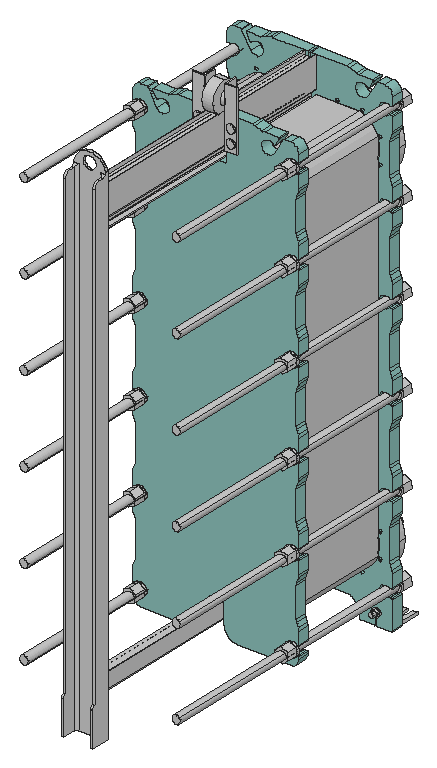
Revit family "Ekin_Endüstriyel - MIT562", category Specialty Equipment, Revit 2022 (continued)
Forms (mm)
  Extrusion 15, solid, material "Galvanized Steel- S235JR", detail levels fine
    sketch origin (4.063, -470, 0) x (1, 0, 0) y (0, 0, 1)
      loop
        line (-304.329, 141.422) -> (-307.052, 115.294) -> (-285.785, 99.872) -> (-261.797, 110.578) -> (-259.074, 136.706) -> (-280.341, 152.128) -> (-304.329, 141.422)
    from 8 to 48.1
  Extrusion 16, solid, material "Galvanized Steel- S235JR", detail levels fine
    sketch origin (4.063, -470, 0) x (1, 0, 0) y (0, 0, 1)
      loop
        circle (274.937, 1711) r 25
      loop
        circle (274.937, 1394) r 25
      loop
        circle (274.937, 1077) r 25
      loop
        circle (274.937, 760) r 25
      loop
        circle (274.937, 443) r 25
      loop
        circle (274.937, 126) r 25
      loop
        circle (-283.063, 1711) r 25
      loop
        circle (-283.063, 1394) r 25
      loop
        circle (-283.063, 1077) r 25
      loop
        circle (-283.063, 760) r 25
      loop
        circle (-283.063, 443) r 25
      loop
        circle (-283.063, 126) r 25
    from 8 to 0
  Extrusion 17, solid, material "Galvanized Steel- S235JR", detail levels medium+fine
    sketch origin (0, 0, 0) x (1, 0, 0) y (0, 0, 1)
      loop
        line (300.266, 1726.422) -> (276.278, 1737.128) -> (255.011, 1721.706) -> (257.734, 1695.578) -> (281.722, 1684.872) -> (302.989, 1700.294) -> (300.266, 1726.422)
      loop
        line (300.266, 1409.422) -> (276.278, 1420.128) -> (255.011, 1404.706) -> (257.734, 1378.578) -> (281.722, 1367.872) -> (302.989, 1383.294) -> (300.266, 1409.422)
      loop
        line (300.266, 1092.422) -> (276.278, 1103.128) -> (255.011, 1087.706) -> (257.734, 1061.578) -> (281.722, 1050.872) -> (302.989, 1066.294) -> (300.266, 1092.422)
      loop
        line (300.266, 775.422) -> (276.278, 786.128) -> (255.011, 770.706) -> (257.734, 744.578) -> (281.722, 733.872) -> (302.989, 749.294) -> (300.266, 775.422)
      loop
        line (300.266, 458.422) -> (276.278, 469.128) -> (255.011, 453.706) -> (257.734, 427.578) -> (281.722, 416.872) -> (302.989, 432.294) -> (300.266, 458.422)
      loop
        line (300.266, 141.422) -> (276.278, 152.128) -> (255.011, 136.706) -> (257.734, 110.578) -> (281.722, 99.872) -> (302.989, 115.294) -> (300.266, 141.422)
      loop
        line (-300.266, 1726.422) -> (-302.989, 1700.294) -> (-281.722, 1684.872) -> (-257.734, 1695.578) -> (-255.011, 1721.706) -> (-276.278, 1737.128) -> (-300.266, 1726.422)
      loop
        line (-300.266, 1409.422) -> (-302.989, 1383.294) -> (-281.722, 1367.872) -> (-257.734, 1378.578) -> (-255.011, 1404.706) -> (-276.278, 1420.128) -> (-300.266, 1409.422)
      loop
        line (-300.266, 1092.422) -> (-302.989, 1066.294) -> (-281.722, 1050.872) -> (-257.734, 1061.578) -> (-255.011, 1087.706) -> (-276.278, 1103.128) -> (-300.266, 1092.422)
      loop
        line (-300.266, 775.422) -> (-302.989, 749.294) -> (-281.722, 733.872) -> (-257.734, 744.578) -> (-255.011, 770.706) -> (-276.278, 786.128) -> (-300.266, 775.422)
      loop
        line (-300.266, 458.422) -> (-302.989, 432.294) -> (-281.722, 416.872) -> (-257.734, 427.578) -> (-255.011, 453.706) -> (-276.278, 469.128) -> (-300.266, 458.422)
      loop
        line (-300.266, 141.422) -> (-302.989, 115.294) -> (-281.722, 99.872) -> (-257.734, 110.578) -> (-255.011, 136.706) -> (-276.278, 152.128) -> (-300.266, 141.422)
    from -8 to -48
  Extrusion 18, solid, material "AISI 316L/Titanium/Hastelloy", detail levels coarse
    sketch origin (0, 0, 1916) x (1, 0, 0) y (0, 1, 0)
      loop
        line (-57.5, -1040) -> (-57.5, -1105) -> (57.499, -1105) -> (57.499, -1040) -> (-57.5, -1040)
    from 0 to -1916
  Extrusion 19, solid, material "Galvanized Steel- S235JR", detail levels fine
    sketch origin (0, 0, 0) x (1, 0, 0) y (0, 0, 1)
      loop
        circle (149, 1566) r 142.5
      loop
        circle (149, 1566) r 85.25
      loop
        circle (259.866, 1611.922) r 7
      loop
        circle (259.866, 1520.078) r 7
      loop
        circle (194.922, 1455.134) r 7
      loop
        circle (194.922, 1676.866) r 7
      loop
        circle (38.134, 1611.922) r 7
      loop
        circle (38.134, 1520.078) r 7
      loop
        circle (103.078, 1455.134) r 7
      loop
        circle (103.078, 1676.866) r 7
      loop
        circle (149, 271) r 142.5
      loop
        circle (149, 271) r 85.25
      loop
        circle (259.866, 316.922) r 7
      loop
        circle (259.866, 225.078) r 7
      loop
        circle (194.922, 160.134) r 7
      loop
        circle (194.922, 381.866) r 7
      loop
        circle (38.134, 316.922) r 7
      loop
        circle (38.134, 225.078) r 7
      loop
        circle (103.078, 160.134) r 7
      loop
        circle (103.078, 381.866) r 7
      loop
        circle (-149, 1566) r 142.5
      loop
        circle (-149, 1566) r 85.25
      loop
        circle (-259.866, 1611.922) r 7
      loop
        circle (-259.866, 1520.078) r 7
      loop
        circle (-194.922, 1455.134) r 7
      loop
        circle (-194.922, 1676.866) r 7
      loop
        circle (-38.134, 1611.922) r 7
      loop
        circle (-38.134, 1520.078) r 7
      loop
        circle (-103.078, 1455.134) r 7
      loop
        circle (-103.078, 1676.866) r 7
      loop
        circle (-149, 271) r 142.5
      loop
        circle (-149, 271) r 85.25
      loop
        circle (-259.866, 316.922) r 7
      loop
        circle (-259.866, 225.078) r 7
      loop
        circle (-194.922, 160.134) r 7
      loop
        circle (-194.922, 381.866) r 7
      loop
        circle (-38.134, 316.922) r 7
      loop
        circle (-38.134, 225.078) r 7
      loop
        circle (-103.078, 160.134) r 7
      loop
        circle (-103.078, 381.866) r 7
    from -29 to 0
  Extrusion 20, void
    sketch origin (202.5, -37.5, 7.5) x (0, 1, 0) y (-1, 0, 0)
      loop
        line (122.5, 8) -> (122.5, 397) -> (37.5, 397) -> (37.5, 8) -> (122.5, 8)
      loop
        line (88.664, -25) -> (122.5, -25) -> (122.5, -8) -> (88.664, -8)
        arc (88.664, -8) -> (72, -16.5) -> (88.664, -25) r 10.5
      loop
        line (88.664, -75) -> (122.5, -75) -> (122.5, -58) -> (88.664, -58)
        arc (88.664, -58) -> (72, -66.5) -> (88.664, -75) r 10.5
      loop
        line (88.664, 413) -> (122.5, 413) -> (122.5, 430) -> (88.664, 430)
        arc (88.664, 430) -> (72, 421.5) -> (88.664, 413) r 10.5
      loop
        line (88.664, 463) -> (122.5, 463) -> (122.5, 480) -> (88.664, 480)
        arc (88.664, 480) -> (72, 471.5) -> (88.664, 463) r 10.5
    from -7.5 to 77.5
  Extrusion 21, solid, material "Galvanized Steel- S235JR"
    sketch origin (0, 0, 0) x (0, 1, 0) y (0, 0, 1)
      loop
        line (8, 11) -> (8, 85) -> (0, 85) -> (0, 3)
        arc (0, 3) -> (0.879, 0.879) -> (3, 0) r 3
        line (3, 0) -> (85, 0) -> (85, 8) -> (11, 8)
        arc (11, 8) -> (8.879, 8.879) -> (8, 11) r 3
    from -294 to 294.5
  Extrusion 22, solid, material "Galvanized Steel- S235JR", detail levels fine
    sketch origin (0, 0, 0) x (1, 0, 0) y (0, 0, 1)
      loop
        circle (0, 1765.6) r 15
      loop
        circle (0, 1705.6) r 15
      loop
        circle (0, 165.7) r 15
      loop
        circle (0, 105.7) r 15
    from 0 to -3
  Extrusion 23, solid, material "Galvanized Steel- S235JR", detail levels fine
    sketch origin (0, 0, 0) x (1, 0, 0) y (0, 0, 1)
      loop
        circle (149, 1566) r 68.8
      loop
        circle (149, 1566) r 105
      loop
        circle (-149, 1566) r 68.8
      loop
        circle (-149, 1566) r 105
      loop
        circle (149, 271) r 68.8
      loop
        circle (149, 271) r 105
      loop
        circle (-149, 271) r 68.8
      loop
        circle (-149, 271) r 105
    from 0 to 40
  Extrusion 24, solid, material "Galvanized Steel- S235JR"
    sketch origin (4.063, -470, 0) x (1, 0, 0) y (0, 0, 1)
      loop
        line (77.937, 1680.6) -> (77.937, 1900.6) -> (32.937, 1900.6) -> (32.937, 1680.6) -> (77.937, 1680.6)
      loop
        circle (55.937, 1760.6) r 8
      loop
        circle (55.937, 1710.6) r 8
      loop
        line (-86.063, 1680.6) -> (-41.063, 1680.6) -> (-41.063, 1900.6) -> (-86.063, 1900.6) -> (-86.063, 1680.6)
      loop
        circle (-64.063, 1760.6) r 8
      loop
        circle (-64.063, 1710.6) r 8
    from 6 to 2
  Extrusion 25, solid, material "Galvanized Steel- S235JR"
    sketch origin (4.063, -472, 0) x (-1, 0, 0) y (0, 0, 1)
      loop
        line (-32.937, 1680.6) -> (-32.937, 1900.6) -> (-36.937, 1900.6) -> (-36.937, 1680.6) -> (-32.937, 1680.6)
      loop
        line (41.063, 1680.6) -> (45.063, 1680.6) -> (45.063, 1900.6) -> (41.063, 1900.6) -> (41.063, 1680.6)
    from 0 to 42
  Extrusion 26, solid, material "Galvanized Steel- S235JR"
    sketch origin (-37, -472, 1680.6) x (0, 0, 1) y (0, -1, 0)
      loop
        circle (160, -19) r 55
      loop
        circle (160, -19) r 25
    from 17 to 57
  Extrusion 27, solid, material "Galvanized Steel- S235JR"
    sketch origin (-37, -472, 1680.6) x (0, 0, 1) y (0, -1, 0)
      loop
        circle (160, -19) r 24.5
    from 0 to 74
  Extrusion 28, solid, material "Galvanized Steel- S235JR"
    sketch origin (-37, -472, 1680.6) x (0, 0, 1) y (0, -1, 0)
      loop
        circle (160, -19) r 8
    from -24.052 to 98.5
  Extrusion 29, solid, material "Galvanized Steel- S235JR", detail levels fine
    sketch origin (-37, -472, 1680.6) x (0, 0, 1) y (0, -1, 0)
      loop
        line (172.813, -23.837) -> (169.73, -9.822) -> (156.917, -5.985) -> (147.187, -15.163) -> (150.27, -29.178) -> (163.083, -33.015) -> (172.813, -23.837)
    from -15 to 89
  Extrusion 30, solid, material "Galvanized Steel- S235JR", detail levels fine
    sketch origin (-37, -472, 1680.6) x (0, 0, 1) y (0, -1, 0)
      loop
        circle (160, -19) r 15
    from -7 to 81
  Extrusion 31, void
    sketch origin (57.499, -1105, 1916) x (0, 1, 0) y (0, 0, 1)
      loop
        line (30, -66) -> (47, -66)
        arc (47, -66) -> (54.071, -63.071) -> (57, -56) r 10
        line (57, -56) -> (57, 0) -> (0, 0) -> (0, -1790)
        arc (0, -1790) -> (2.636, -1783.636) -> (9, -1781) r 9
        line (9, -1781) -> (10, -1781) -> (10, -86)
        arc (10, -86) -> (15.858, -71.858) -> (30, -66) r 20
    from 0 to -114.999
  Extrusion 32, void
    sketch origin (-39.5, -1048, 0) x (1, 0, 0) y (0, 0, 1)
      loop
        line (96.999, 1865.205) -> (96.999, 1979.732) -> (-18, 1979.732) -> (-18, 1865.199)
        arc (-18, 1865.199) -> (39.497, 1915.599) -> (96.999, 1865.205) r 58
      loop
        circle (39.5, 1877.5) r 24
    from 0 to -8
  Extrusion 33, solid, material "Galvanized Steel- S235JR", detail levels medium+fine
    sketch origin (4.063, -470, 0) x (1, 0, 0) y (0, 0, 1)
      loop
        circle (-64.063, 1760.6) r 15
      loop
        circle (-64.063, 1710.6) r 15
      loop
        circle (55.937, 1760.6) r 15
      loop
        circle (55.937, 1710.6) r 15
    from 9 to 6
  Extrusion 34, solid, material "Galvanized Steel- S235JR", detail levels coarse+medium
    sketch origin (4.063, -470, 0) x (1, 0, 0) y (0, 0, 1)
      loop
        line (-77.056, 1766.886) -> (-76.004, 1752.491) -> (-63.011, 1746.205) -> (-51.07, 1754.314) -> (-52.123, 1768.709) -> (-65.115, 1774.995) -> (-77.056, 1766.886)
      loop
        line (-65.115, 1724.995) -> (-77.056, 1716.886) -> (-76.004, 1702.491) -> (-63.011, 1696.205) -> (-51.07, 1704.314) -> (-52.123, 1718.709) -> (-65.115, 1724.995)
      loop
        line (68.93, 1766.886) -> (56.989, 1774.995) -> (43.996, 1768.709) -> (42.944, 1754.314) -> (54.885, 1746.205) -> (67.877, 1752.491) -> (68.93, 1766.886)
      loop
        line (56.989, 1724.995) -> (43.996, 1718.709) -> (42.944, 1704.314) -> (54.885, 1696.205) -> (67.877, 1702.491) -> (68.93, 1716.886) -> (56.989, 1724.995)
    from 19 to 9
  Extrusion 35, solid, material "AISI 316L/Titanium/Hastelloy", detail levels fine
    sketch origin (4.063, -430, 0) x (-1, 0, 0) y (0, 0, 1)
      loop
        circle (-55.937, 1760.6) r 15
      loop
        circle (-55.937, 1710.6) r 15
      loop
        circle (64.063, 1760.6) r 15
      loop
        circle (64.063, 1710.6) r 15
    from 0 to 3
  Extrusion 36, solid, material "AISI 316L/Titanium/Hastelloy", detail levels fine
    sketch origin (4.063, -430, 0) x (-1, 0, 0) y (0, 0, 1)
      loop
        line (-43.996, 1768.709) -> (-56.989, 1774.995) -> (-68.93, 1766.886) -> (-67.877, 1752.491) -> (-54.885, 1746.205) -> (-42.944, 1754.314) -> (-43.996, 1768.709)
      loop
        line (-43.996, 1718.709) -> (-56.989, 1724.995) -> (-68.93, 1716.886) -> (-67.877, 1702.491) -> (-54.885, 1696.205) -> (-42.944, 1704.314) -> (-43.996, 1718.709)
      loop
        line (77.056, 1766.886) -> (65.115, 1774.995) -> (52.123, 1768.709) -> (51.07, 1754.314) -> (63.011, 1746.205) -> (76.004, 1752.491) -> (77.056, 1766.886)
      loop
        line (65.115, 1724.995) -> (52.123, 1718.709) -> (51.07, 1704.314) -> (63.011, 1696.205) -> (76.004, 1702.491) -> (77.056, 1716.886) -> (65.115, 1724.995)
    from 3 to 13
  Extrusion 37, solid, material "AISI 316L/Titanium/Hastelloy", detail levels coarse+medium
    sketch origin (4.063, -430, 0) x (-1, 0, 0) y (0, 0, 1)
      loop
        circle (64.063, 1760.6) r 8
      loop
        circle (64.063, 1710.6) r 8
      loop
        circle (-55.937, 1760.6) r 8
      loop
        circle (-55.937, 1710.6) r 8
    from -46 to 24.122
  Extrusion 38, solid, material "Galvanized Steel", detail levels medium
    sketch origin (4.063, 0, 0) x (1, 0, 0) y (0, 0, 1)
      loop
        line (135.937, 1800) -> (-144.063, 1800) -> (-177.033, 1788) -> (-308.063, 1788) -> (-308.063, 0) -> (-188.063, 0) -> (-188.063, 35) -> (-153.063, 70) -> (144.937, 70) -> (179.937, 35) -> (179.937, 0) -> (299.937, 0) -> (299.937, 1788) -> (168.907, 1788) -> (135.937, 1800)
      loop
        circle (144.937, 1566) r 68.8
      loop
        circle (144.937, 272) r 68.8
      loop
        circle (-4.063, 105.7) r 10.5
      loop
        circle (-4.063, 165.7) r 10.5
      loop
        circle (239.937, 45) r 10.5
      loop
        circle (274.937, 1711) r 21
      loop
        circle (274.937, 1394) r 21
      loop
        circle (274.937, 1077) r 21
      loop
        circle (274.937, 760) r 21
      loop
        circle (274.937, 443) r 21
      loop
        circle (274.937, 126) r 21
      loop
        circle (-4.063, 1705.6) r 10.5
      loop
        circle (-4.063, 1765.6) r 10.5
      loop
        circle (-153.063, 1566) r 68.8
      loop
        circle (-153.063, 272) r 68.8
      loop
        circle (-248.063, 45) r 10.5
      loop
        circle (-283.063, 1711) r 21
      loop
        circle (-283.063, 1394) r 21
      loop
        circle (-283.063, 1077) r 21
      loop
        circle (-283.063, 760) r 21
      loop
        circle (-283.063, 443) r 21
      loop
        circle (-283.063, 126) r 21
      loop
        circle (189.937, 1743) r 25
      loop
        circle (-198.063, 1743) r 25
    from 0 to 40
  Extrusion 39, solid, material "Galvanized Steel", detail levels medium
    sketch origin (4.063, -430, 0) x (-1, 0, 0) y (0, 0, 1)
      loop
        line (-135.937, 1800) -> (-168.907, 1788) -> (-299.937, 1788) -> (-299.937, 70) -> (-25.937, 70) -> (-25.937, 173.5)
        arc (-25.937, 173.5) -> (4.063, 203.5) -> (34.063, 173.5) r 30
        line (34.063, 173.5) -> (34.063, 70) -> (308.063, 70) -> (308.063, 1788) -> (177.033, 1788) -> (144.063, 1800) -> (45.063, 1800) -> (45.063, 1638.5) -> (-36.937, 1638.5) -> (-36.937, 1800) -> (-135.937, 1800)
      loop
        circle (-274.937, 126) r 21
      loop
        circle (-274.937, 443) r 21
      loop
        circle (-189.937, 1743) r 25
      loop
        circle (-274.937, 1711) r 21
      loop
        circle (-274.937, 1394) r 21
      loop
        circle (-274.937, 1077) r 21
      loop
        circle (-274.937, 760) r 21
      loop
        circle (-55.937, 1710.6) r 10.5
      loop
        circle (-55.937, 1760.6) r 10.5
      loop
        circle (283.063, 126) r 21
      loop
        circle (283.063, 443) r 21
      loop
        circle (198.063, 1743) r 25
      loop
        circle (283.063, 1711) r 21
      loop
        circle (283.063, 1394) r 21
      loop
        circle (283.063, 1077) r 21
      loop
        circle (283.063, 760) r 21
      loop
        circle (64.063, 1710.6) r 10.5
      loop
        circle (64.063, 1760.6) r 10.5
    from 0 to -40 <- "Follower Plate"
  Extrusion 40, solid, material "AISI 316L/Titanium/Hastelloy", detail levels medium
    sketch origin (0, -40, 0) x (-1, 0, 0) y (0, 0, 1)
      loop
        circle (-149, 1566) r 68.8
      loop
        circle (149, 1566) r 68.8
      loop
        line (-250, 1609.07) -> (-250, 228.93) -> (-184.799, 168.2) -> (-25.957, 168.2) -> (-19.25, 174.907) -> (-19.25, 181.407) -> (-33.913, 193.176) -> (-29.752, 199.94) -> (29.752, 199.94) -> (33.913, 193.176) -> (19.25, 181.407) -> (19.25, 174.907) -> (25.957, 168.2) -> (184.799, 168.2) -> (250, 228.93) -> (250, 1609.07) -> (184.799, 1669.8) -> (25.957, 1669.8) -> (19.25, 1663.093) -> (19.25, 1656.593) -> (33.913, 1644.824) -> (29.752, 1638.06) -> (-29.752, 1638.06) -> (-33.913, 1644.824) -> (-19.25, 1656.593) -> (-19.25, 1663.093) -> (-25.957, 1669.8) -> (-184.799, 1669.8) -> (-250, 1609.07)
      loop
        circle (-149, 272) r 68.8
      loop
        circle (149, 272) r 68.8
    from 0 to -390
  Extrusion 41, solid, material "Galvanized Steel- S235JR", detail levels medium
    sketch origin (0, 0, 0) x (1, 0, 0) y (0, 0, 1)
      loop
        circle (149, 1566) r 142.5
      loop
        circle (149, 1566) r 68.8
      loop
        circle (149, 271) r 142.5
      loop
        circle (149, 272) r 68.8
      loop
        circle (-149, 1566) r 142.5
      loop
        circle (-149, 1566) r 68.8
      loop
        circle (-149, 271) r 142.5
      loop
        circle (-149, 272) r 68.8
    from -29 to 0
  Extrusion 42, solid, material "Galvanized Steel", detail levels coarse
    sketch origin (4.063, 0, 0) x (1, 0, 0) y (0, 0, 1)
      loop
        line (299.937, 1800) -> (-308.063, 1800) -> (-308.063, 0) -> (299.937, 0) -> (299.937, 1800)
      loop
        circle (-4.063, 105.7) r 10.5
      loop
        circle (-4.063, 165.7) r 10.5
      loop
        circle (239.937, 45) r 10.5
      loop
        circle (274.937, 1711) r 21
      loop
        circle (274.937, 1394) r 21
      loop
        circle (274.937, 1077) r 21
      loop
        circle (274.937, 760) r 21
      loop
        circle (274.937, 443) r 21
      loop
        circle (274.937, 126) r 21
      loop
        circle (-4.063, 1705.6) r 10.5
      loop
        circle (-4.063, 1765.6) r 10.5
      loop
        circle (-248.063, 45) r 10.5
      loop
        circle (-283.063, 1711) r 21
      loop
        circle (-283.063, 1394) r 21
      loop
        circle (-283.063, 1077) r 21
      loop
        circle (-283.063, 760) r 21
      loop
        circle (-283.063, 443) r 21
      loop
        circle (-283.063, 126) r 21
      loop
        circle (189.937, 1743) r 25
      loop
        circle (-198.063, 1743) r 25
    from 0 to 40
  Extrusion 43, solid, material "Galvanized Steel", detail levels coarse
    sketch origin (4.063, -430, 0) x (-1, 0, 0) y (0, 0, 1)
      loop
        line (-299.937, 1800) -> (-299.937, 70) -> (-25.937, 70) -> (-25.937, 203.5) -> (34.063, 203.5) -> (34.063, 70) -> (308.063, 70) -> (308.063, 1800) -> (45.063, 1800) -> (45.063, 1638.5) -> (-36.937, 1638.5) -> (-36.937, 1800) -> (-299.937, 1800)
      loop
        circle (-274.937, 126) r 21
      loop
        circle (-274.937, 443) r 21
      loop
        circle (-189.937, 1743) r 25
      loop
        circle (-274.937, 1711) r 21
      loop
        circle (-274.937, 1394) r 21
      loop
        circle (-274.937, 1077) r 21
      loop
        circle (-274.937, 760) r 21
      loop
        circle (-55.937, 1710.6) r 10.5
      loop
        circle (-55.937, 1760.6) r 10.5
      loop
        circle (283.063, 126) r 21
      loop
        circle (283.063, 443) r 21
      loop
        circle (198.063, 1743) r 25
      loop
        circle (283.063, 1711) r 21
      loop
        circle (283.063, 1394) r 21
      loop
        circle (283.063, 1077) r 21
      loop
        circle (283.063, 760) r 21
      loop
        circle (64.063, 1710.6) r 10.5
      loop
        circle (64.063, 1760.6) r 10.5
    from 0 to -40 <- "Follower Plate"
  Extrusion 44, solid, material "AISI 316L/Titanium/Hastelloy", detail levels coarse
    sketch origin (0, -40, 0) x (-1, 0, 0) y (0, 0, 1)
      loop
        line (-250, 1609.07) -> (-250, 228.93) -> (-184.799, 168.2) -> (-25.957, 168.2) -> (-19.25, 174.907) -> (-19.25, 181.407) -> (-33.913, 193.176) -> (-29.752, 199.94) -> (29.752, 199.94) -> (33.913, 193.176) -> (19.25, 181.407) -> (19.25, 174.907) -> (25.957, 168.2) -> (184.799, 168.2) -> (250, 228.93) -> (250, 1609.07) -> (184.799, 1669.8) -> (25.957, 1669.8) -> (19.25, 1663.093) -> (19.25, 1656.593) -> (33.913, 1644.824) -> (29.752, 1638.06) -> (-29.752, 1638.06) -> (-33.913, 1644.824) -> (-19.25, 1656.593) -> (-19.25, 1663.093) -> (-25.957, 1669.8) -> (-184.799, 1669.8) -> (-250, 1609.07)
    from 0 to -390
  Extrusion 45, solid, material "Galvanized Steel- S235JR", detail levels coarse
    sketch origin (0, 0, 0) x (1, 0, 0) y (0, 0, 1)
      loop
        circle (149, 1566) r 142.5
      loop
        circle (149, 271) r 142.5
      loop
        circle (-149, 1566) r 142.5
      loop
        circle (-149, 271) r 142.5
    from -29 to 0
Cuts and joins
  Extrusion 20 cuts Extrusion 21
  joined: Extrusion 19, Extrusion 23
  Extrusion 31, Extrusion 32 cuts Extrusion 13
  joined: Extrusion 26, Extrusion 27
Dimensions and locks
  "Lk": plane 7 "1" to plane 6 "2"
  "Head & Follower Plate": plane 1 "Center (Front/Back)" to plane 7 "1"
  "Lc": plane 7 "1" to plane 8 "3"
  "Lc": plane 10 to plane 1 "Center (Front/Back)"
  locked: Extrusion 13 sketch curve to Extrusion 13 sketch curve at 65
  locked: Extrusion 37 to plane 6 "2" at 24.122
  aligned and locked: level to plane 2
  aligned and locked: Extrusion 1 to plane 7 "1"
  aligned and locked: Extrusion 1 to plane 1 "Center (Front/Back)"
  aligned and locked: Extrusion 3 to plane 6 "2"
  aligned and locked: plane 7 "1" to Extrusion 3
  aligned and locked: Extrusion 5 to plane 10
  aligned and locked: Extrusion 5 to plane 1 "Center (Front/Back)"
  aligned and locked: Extrusion 4 to plane 8 "3"
  aligned and locked: Extrusion 4 to Extrusion 1
  aligned and locked: Extrusion 13 sketch curve to Extrusion 13 sketch curve
  aligned and locked: Extrusion 18 sketch curve to Extrusion 13  (x4)
  aligned and locked: Extrusion 37 to Extrusion 33
  aligned and locked: Extrusion 40 to Extrusion 39
  aligned and locked: Extrusion 1 to cut or joined group of Extrusion 19, Extrusion 23
  aligned and locked: Extrusion 44 to Extrusion 43
Automatic sketch dimensions
  Extrusion 1 sketch curve to Extrusion 1 sketch curve = 0.00 mm  (x128)
  Extrusion 1 sketch curve to level = 0.00 mm  (x4)
  Extrusion 1 sketch curve to plane 3 "Center (Left/Right)" = 0.00 mm  (x4)
  Extrusion 1 sketch curve to plane 3 "Center (Left/Right)" = 3.00 mm  (x4)
  Extrusion 1 sketch curve to Extrusion 1 sketch curve = 3.00 mm  (x50)
  Extrusion 1 sketch curve to plane 3 "Center (Left/Right)" = 38.134 mm  (x4)
  Extrusion 1 sketch curve to Extrusion 1 sketch curve = 64.944 mm  (x13)
  Extrusion 1 sketch curve to Extrusion 1 sketch curve = 31.632 mm  (x2)
  Extrusion 1 sketch curve to Extrusion 1 sketch curve = 39.709 mm  (x2)
  Extrusion 1 sketch curve to Extrusion 1 sketch curve = 10.261 mm  (x4)
  Extrusion 1 sketch curve to Extrusion 1 sketch curve = 110.866 mm  (x4)
  level to Extrusion 1 sketch curve = 65.607 mm  (x2)
  Extrusion 1 sketch curve to Extrusion 1 sketch curve = 10.607 mm  (x5)
  Extrusion 1 sketch curve to Extrusion 1 sketch curve = 23.028 mm  (x2)
  Extrusion 1 sketch curve to Extrusion 1 sketch curve = 26.213 mm  (x2)
  level to Extrusion 1 sketch curve = 39.393 mm  (x2)
  level to Extrusion 1 sketch curve = 5.00 mm  (x3)
  Extrusion 1 sketch curve to Extrusion 1 sketch curve = 15.00 mm
  Extrusion 1 sketch curve to Extrusion 1 sketch curve = 15.74 mm  (x2)
  Extrusion 1 sketch curve to Extrusion 1 sketch curve = 0.922 mm  (x2)
  Extrusion 1 sketch curve to Extrusion 1 sketch curve = 91.844 mm  (x10)
  Extrusion 1 sketch curve to Extrusion 1 sketch curve = 21.651 mm  (x2)
  Extrusion 1 sketch curve to Extrusion 1 sketch curve = 21.737 mm  (x2)
  Extrusion 1 sketch curve to Extrusion 1 sketch curve = 2.598 mm  (x6)
  Extrusion 1 sketch curve to Extrusion 1 sketch curve = 14.059 mm  (x2)
  Extrusion 1 sketch curve to Extrusion 1 sketch curve = 49.00 mm  (x3)
  level to Extrusion 1 sketch curve = 3.00 mm  (x2)
  Extrusion 1 sketch curve to Extrusion 1 sketch curve = 6.00 mm  (x2)
  Extrusion 1 sketch curve to Extrusion 1 sketch curve = 15.588 mm  (x2)
  Extrusion 1 sketch curve to Extrusion 1 sketch curve = 14.134 mm  (x8)
  Extrusion 1 sketch curve to plane 3 "Center (Left/Right)" = 274.00 mm  (x2)
  Extrusion 1 sketch curve to Extrusion 1 sketch curve = 23.42 mm  (x2)
  Extrusion 1 sketch curve to Extrusion 1 sketch curve = 5.00 mm  (x13)
  Extrusion 1 sketch curve to Extrusion 1 sketch curve = 14.333 mm  (x24)
  Extrusion 1 sketch curve to Extrusion 1 sketch curve = 34.134 mm  (x5)
  Extrusion 1 sketch curve to Extrusion 1 sketch curve = 20.00 mm  (x6)
  Extrusion 1 sketch curve to Extrusion 1 sketch curve = 1.809 mm  (x33)
  level to Extrusion 1 sketch curve = 219.529 mm  (x2)
  Extrusion 1 sketch curve to Extrusion 1 sketch curve = 7.667 mm  (x23)
  Extrusion 1 sketch curve to Extrusion 1 sketch curve = 6.382 mm  (x20)
  Extrusion 1 sketch curve to Extrusion 1 sketch curve = 28.191 mm  (x20)
  plane 3 "Center (Left/Right)" to Extrusion 1 sketch curve = 3.00 mm  (x4)
  plane 3 "Center (Left/Right)" to Extrusion 1 sketch curve = 38.134 mm  (x4)
  level to Extrusion 1 sketch curve = 55.00 mm
  Extrusion 1 sketch curve to Extrusion 1 sketch curve = 4.393 mm
  Extrusion 1 sketch curve to Extrusion 1 sketch curve = 54.00 mm
  plane 3 "Center (Left/Right)" to Extrusion 1 sketch curve = 274.00 mm
  Extrusion 1 sketch curve to Extrusion 1 sketch curve = 79.078 mm
  Extrusion 1 sketch curve to Extrusion 1 sketch curve = 29.907 mm  (x2)
  Extrusion 1 sketch curve to Extrusion 1 sketch curve = 12.093 mm  (x5)
  Extrusion 1 sketch curve to Extrusion 1 sketch curve = 25.638 mm
  Extrusion 1 sketch curve to Extrusion 1 sketch curve = 10.062 mm  (x2)
  Extrusion 1 sketch curve to Extrusion 1 sketch curve = 61.75 mm  (x2)
  Extrusion 1 sketch curve to Extrusion 1 sketch curve = 16.25 mm  (x24)
  Extrusion 1 sketch curve to Extrusion 1 sketch curve = 39.875 mm
  Extrusion 1 sketch curve to Extrusion 1 sketch curve = 90.134 mm
  Extrusion 1 sketch curve to Extrusion 1 sketch curve = 27.794 mm  (x2)
  Extrusion 1 sketch curve to Extrusion 1 sketch curve = 4.712 mm  (x4)
  Extrusion 1 sketch curve to Extrusion 1 sketch curve = 59.378 mm
  Extrusion 1 sketch curve to Extrusion 1 sketch curve = 45.922 mm  (x4)
  Extrusion 1 sketch curve to Extrusion 1 sketch curve = 22.288 mm  (x4)
  Extrusion 1 sketch curve to Extrusion 1 sketch curve = 17.533 mm  (x18)
  Extrusion 1 sketch curve to Extrusion 1 sketch curve = 4.601 mm  (x2)
  Extrusion 1 sketch curve to Extrusion 1 sketch curve = 46.485 mm  (x18)
  Extrusion 1 sketch curve to Extrusion 1 sketch curve = 109.42 mm  (x6)
  Extrusion 1 sketch curve to Extrusion 1 sketch curve = 61.134 mm  (x2)
  Extrusion 1 sketch curve to Extrusion 1 sketch curve = 87.132 mm  (x2)
  Extrusion 1 sketch curve to Extrusion 1 sketch curve = 31.601 mm  (x2)
  Extrusion 1 sketch curve to Extrusion 1 sketch curve = 93.678 mm
  Extrusion 1 sketch curve to Extrusion 1 sketch curve = 53.634 mm  (x2)
  Extrusion 1 sketch curve to Extrusion 1 sketch curve = 12.50 mm  (x2)
  Extrusion 1 sketch curve to Extrusion 1 sketch curve = 35.813 mm
  Extrusion 1 sketch curve to Extrusion 1 sketch curve = 27.75 mm  (x2)
  Extrusion 1 sketch curve to Extrusion 1 sketch curve = 28.65 mm  (x2)
  Extrusion 1 sketch curve to Extrusion 1 sketch curve = 1.50 mm  (x4)
  Extrusion 1 sketch curve to Extrusion 1 sketch curve = 27.00 mm  (x2)
  Extrusion 1 sketch curve to Extrusion 1 sketch curve = 4.50 mm  (x2)
  Extrusion 1 sketch curve to Extrusion 1 sketch curve = 19.307 mm
  Extrusion 1 sketch curve to Extrusion 1 sketch curve = 7.00 mm  (x32)
  Extrusion 1 sketch curve to Extrusion 1 sketch curve = 23.046 mm  (x4)
  Extrusion 1 sketch curve to Extrusion 1 sketch curve = 30.046 mm  (x4)
  Extrusion 1 sketch curve to Extrusion 1 sketch curve = 21.109 mm  (x4)
  Extrusion 2 sketch curve to plane 3 "Center (Left/Right)" = 0.00 mm
  plane 3 "Center (Left/Right)" to Extrusion 2 sketch curve = 30.00 mm
  plane 3 "Center (Left/Right)" to Extrusion 2 sketch curve = 36.00 mm
  Extrusion 2 sketch curve to Extrusion 2 sketch curve = 5.00 mm  (x13)
  plane 3 "Center (Left/Right)" to Extrusion 2 sketch curve = 41.00 mm
  Extrusion 2 sketch curve to Extrusion 2 sketch curve = 0.00 mm  (x33)
  Extrusion 2 sketch curve to Extrusion 2 sketch curve = 3.00 mm  (x54)
  Extrusion 2 sketch curve to Extrusion 2 sketch curve = 3.907 mm  (x4)
  Extrusion 2 sketch curve to Extrusion 2 sketch curve = 2.031 mm  (x4)
  Extrusion 2 sketch curve to Extrusion 2 sketch curve = 10.062 mm  (x4)
  Extrusion 2 sketch curve to Extrusion 2 sketch curve = 50.00 mm  (x2)
  Extrusion 2 sketch curve to Extrusion 2 sketch curve = 74.71 mm  (x2)
  Extrusion 2 sketch curve to Extrusion 2 sketch curve = 10.261 mm  (x4)
  Extrusion 2 sketch curve to Extrusion 2 sketch curve = 23.028 mm  (x2)
  Extrusion 2 sketch curve to Extrusion 2 sketch curve = 15.74 mm  (x2)
  Extrusion 2 sketch curve to Extrusion 2 sketch curve = 21.651 mm  (x2)
  Extrusion 2 sketch curve to Extrusion 2 sketch curve = 21.737 mm  (x2)
  Extrusion 2 sketch curve to Extrusion 2 sketch curve = 2.598 mm  (x6)
  Extrusion 2 sketch curve to Extrusion 2 sketch curve = 14.059 mm  (x2)
  Extrusion 2 sketch curve to Extrusion 2 sketch curve = 15.588 mm  (x2)
  plane 3 "Center (Left/Right)" to Extrusion 2 sketch curve = 274.00 mm  (x2)
  level to Extrusion 2 sketch curve = 100.00 mm
  Extrusion 2 sketch curve to Extrusion 2 sketch curve = 194.00 mm  (x2)
  Extrusion 2 sketch curve to Extrusion 2 sketch curve = 58.349 mm  (x2)
  Extrusion 2 sketch curve to Extrusion 2 sketch curve = 23.42 mm  (x2)
  Extrusion 2 sketch curve to Extrusion 2 sketch curve = 14.333 mm  (x22)
  Extrusion 2 sketch curve to Extrusion 2 sketch curve = 19.333 mm  (x2)
  Extrusion 2 sketch curve to Extrusion 2 sketch curve = 20.00 mm  (x10)
  Extrusion 2 sketch curve to Extrusion 2 sketch curve = 1.809 mm  (x29)
  level to Extrusion 2 sketch curve = 219.529 mm  (x2)
  Extrusion 2 sketch curve to Extrusion 2 sketch curve = 7.667 mm  (x24)
  Extrusion 2 sketch curve to Extrusion 2 sketch curve = 6.382 mm  (x20)
  Extrusion 2 sketch curve to Extrusion 2 sketch curve = 28.191 mm  (x19)
  Extrusion 2 sketch curve to plane 3 "Center (Left/Right)" = 36.00 mm
  Extrusion 2 sketch curve to plane 3 "Center (Left/Right)" = 41.00 mm
  Extrusion 2 sketch curve to plane 3 "Center (Left/Right)" = 274.00 mm
  Extrusion 2 sketch curve to Extrusion 2 sketch curve = 30.00 mm
  level to Extrusion 2 sketch curve = 70.00 mm
  Extrusion 2 sketch curve to Extrusion 2 sketch curve = 6.75 mm  (x2)
  Extrusion 2 sketch curve to Extrusion 2 sketch curve = 16.25 mm  (x24)
  Extrusion 2 sketch curve to Extrusion 2 sketch curve = 53.50 mm
  Extrusion 2 sketch curve to Extrusion 2 sketch curve = 27.794 mm  (x2)
  Extrusion 2 sketch curve to Extrusion 2 sketch curve = 109.42 mm  (x10)
  Extrusion 2 sketch curve to Extrusion 2 sketch curve = 17.533 mm  (x18)
  Extrusion 2 sketch curve to Extrusion 2 sketch curve = 46.485 mm  (x18)
  Extrusion 2 sketch curve to Extrusion 2 sketch curve = 6.765 mm
  Extrusion 2 sketch curve to Extrusion 2 sketch curve = 64.10 mm  (x2)
  Extrusion 2 sketch curve to Extrusion 2 sketch curve = 6.00 mm  (x4)
  Extrusion 2 sketch curve to Extrusion 2 sketch curve = 19.50 mm  (x2)
  Extrusion 2 sketch curve to Extrusion 2 sketch curve = 12.50 mm  (x2)
  Extrusion 2 sketch curve to Extrusion 2 sketch curve = 41.00 mm  (x2)
  Extrusion 2 sketch curve to Extrusion 2 sketch curve = 27.75 mm  (x2)
  Extrusion 2 sketch curve to Extrusion 2 sketch curve = 28.65 mm  (x2)
  Extrusion 2 sketch curve to Extrusion 2 sketch curve = 1.50 mm  (x4)
  Extrusion 2 sketch curve to Extrusion 2 sketch curve = 27.00 mm  (x2)
  Extrusion 2 sketch curve to Extrusion 2 sketch curve = 4.50 mm  (x2)
  Extrusion 2 sketch curve to Extrusion 2 sketch curve = 30.40 mm  (x2)
  Extrusion 3 sketch curve to Extrusion 3 sketch curve = 0.00 mm  (x25)
  Extrusion 3 sketch curve to plane 3 "Center (Left/Right)" = 0.00 mm  (x2)
  plane 3 "Center (Left/Right)" to Extrusion 3 sketch curve = 8.398 mm  (x2)
  Extrusion 3 sketch curve to Extrusion 3 sketch curve = 10.852 mm  (x4)
  Extrusion 3 sketch curve to Extrusion 3 sketch curve = 0.879 mm  (x6)
  Extrusion 3 sketch curve to Extrusion 3 sketch curve = 1.122 mm  (x4)
  Extrusion 3 sketch curve to Extrusion 3 sketch curve = 3.00 mm  (x5)
  Extrusion 3 sketch curve to Extrusion 3 sketch curve = 1.878 mm  (x3)
  Extrusion 3 sketch curve to Extrusion 3 sketch curve = 2.121 mm  (x6)
  Extrusion 3 sketch curve to Extrusion 3 sketch curve = 4.95 mm  (x6)
  Extrusion 3 sketch curve to Extrusion 3 sketch curve = 5.765 mm  (x4)
  Extrusion 3 sketch curve to Extrusion 3 sketch curve = 1.863 mm  (x4)
  Extrusion 3 sketch curve to Extrusion 3 sketch curve = 2.817 mm  (x4)
  Extrusion 3 sketch curve to Extrusion 3 sketch curve = 122.863 mm  (x4)
  Extrusion 3 sketch curve to Extrusion 3 sketch curve = 35.799 mm  (x2)
  Extrusion 3 sketch curve to Extrusion 3 sketch curve = 40.14 mm  (x2)
  Extrusion 3 sketch curve to Extrusion 3 sketch curve = 65.201 mm  (x2)
  Extrusion 3 sketch curve to plane 3 "Center (Left/Right)" = 8.398 mm  (x2)
  level to Extrusion 3 sketch curve = 169.80 mm  (x2)
  Extrusion 3 sketch curve to Extrusion 3 sketch curve = 3.818 mm  (x4)
  Extrusion 3 sketch curve to Extrusion 3 sketch curve = 7.923 mm
  Extrusion 3 sketch curve to Extrusion 3 sketch curve = 8.383 mm  (x4)
  Extrusion 3 sketch curve to Extrusion 3 sketch curve = 3.509 mm  (x2)
  Extrusion 3 sketch curve to Extrusion 3 sketch curve = 18.47 mm
  Extrusion 3 sketch curve to Extrusion 3 sketch curve = 59.13 mm  (x2)
  Extrusion 3 sketch curve to Extrusion 3 sketch curve = 1294.00 mm
  Extrusion 3 sketch curve to Extrusion 3 sketch curve = 43.07 mm  (x2)
  Extrusion 3 sketch curve to Extrusion 3 sketch curve = 40.50 mm
  Extrusion 3 sketch curve to Extrusion 3 sketch curve = 10.404 mm  (x2)
  Extrusion 3 sketch curve to Extrusion 3 sketch curve = 4.096 mm  (x2)
  Extrusion 3 sketch curve to Extrusion 3 sketch curve = 8.066 mm
  Extrusion 3 sketch curve to Extrusion 3 sketch curve = 68.80 mm  (x4)
  Extrusion 4 sketch curve to plane 3 "Center (Left/Right)" = 0.00 mm  (x2)
  Extrusion 4 sketch curve to Extrusion 4 sketch curve = 3.00 mm  (x8)
  Extrusion 4 sketch curve to Extrusion 4 sketch curve = 0.00 mm  (x4)
  Extrusion 4 sketch curve to plane 3 "Center (Left/Right)" = 13.00 mm  (x3)
  Extrusion 4 sketch curve to Extrusion 4 sketch curve = 7.00 mm  (x4)
  Extrusion 4 sketch curve to Extrusion 4 sketch curve = 2.00 mm  (x8)
  Extrusion 4 sketch curve to Extrusion 4 sketch curve = 5.00 mm  (x5)
  Extrusion 4 sketch curve to Extrusion 4 sketch curve = 6.00 mm  (x2)
  Extrusion 4 sketch curve to Extrusion 4 sketch curve = 20.00 mm  (x2)
  plane 3 "Center (Left/Right)" to Extrusion 4 sketch curve = 3.00 mm  (x2)
  plane 3 "Center (Left/Right)" to Extrusion 4 sketch curve = 13.00 mm  (x3)
  Extrusion 4 sketch curve to Extrusion 4 sketch curve = 8.00 mm
  level to Extrusion 4 sketch curve = 128.20 mm
  Extrusion 4 sketch curve to Extrusion 4 sketch curve = 46.00 mm
  Extrusion 4 sketch curve to Extrusion 4 sketch curve = 1461.40 mm
  Extrusion 4 sketch curve to Extrusion 4 sketch curve = 24.00 mm
  Extrusion 4 sketch curve to Extrusion 4 sketch curve = 86.00 mm
  Extrusion 4 sketch curve to Extrusion 4 sketch curve = 12.00 mm  (x2)
  Extrusion 5 sketch curve to Extrusion 5 sketch curve = 0.00 mm  (x24)
  Extrusion 5 sketch curve to plane 3 "Center (Left/Right)" = 279.00 mm  (x6)
  level to Extrusion 5 sketch curve = 126.00 mm  (x2)
  plane 3 "Center (Left/Right)" to Extrusion 5 sketch curve = 279.00 mm  (x6)
  Extrusion 5 sketch curve to Extrusion 5 sketch curve = 317.00 mm  (x10)
  Extrusion 5 sketch curve to Extrusion 5 sketch curve = 12.143 mm  (x24)
  Extrusion 5 sketch curve to Extrusion 5 sketch curve = 8.806 mm  (x12)
  level to Extrusion 6 sketch curve = 37.783 mm  (x3)
  Extrusion 6 sketch curve to plane 3 "Center (Left/Right)" = 256.50 mm
  level to Extrusion 6 sketch curve = 59.434 mm  (x2)
  Extrusion 6 sketch curve to Extrusion 6 sketch curve = 12.50 mm  (x6)
  level to Extrusion 6 sketch curve = 30.566 mm  (x2)
  plane 3 "Center (Left/Right)" to Extrusion 6 sketch curve = 231.50 mm
  Extrusion 6 sketch curve to Extrusion 6 sketch curve = 7.217 mm  (x2)
  Extrusion 6 sketch curve to Extrusion 6 sketch curve = 14.434 mm  (x3)
  Extrusion 8 sketch curve to Extrusion 8 sketch curve = 0.00 mm  (x4)
  level to Extrusion 8 sketch curve = 45.00 mm  (x2)
  Extrusion 8 sketch curve to plane 3 "Center (Left/Right)" = 244.00 mm
  plane 3 "Center (Left/Right)" to Extrusion 8 sketch curve = 244.00 mm
  Extrusion 8 sketch curve to Extrusion 8 sketch curve = 8.00 mm  (x2)
  Extrusion 9 sketch curve to Extrusion 1 = 8.59 mm  (x2)
  Extrusion 1 to Extrusion 9 sketch curve = 2.993 mm  (x4)
  Extrusion 9 sketch curve to Extrusion 1 = 8.576 mm  (x2)
  Extrusion 9 sketch curve to Extrusion 1 = 31.625 mm  (x2)
  Extrusion 9 sketch curve to Extrusion 9 sketch curve = 6.688 mm  (x2)
  Extrusion 9 sketch curve to Extrusion 9 sketch curve = 6.687 mm  (x2)
  Extrusion 9 sketch curve to Extrusion 9 sketch curve = 13.375 mm  (x4)
  Extrusion 1 to Extrusion 9 sketch curve = 11.625 mm  (x2)
  Extrusion 10 sketch curve to Extrusion 10 sketch curve = 0.00 mm  (x79)
  Extrusion 10 sketch curve to plane 3 "Center (Left/Right)" = 259.866 mm  (x2)
  Extrusion 10 sketch curve to Extrusion 10 sketch curve = 64.944 mm  (x22)
  Extrusion 10 sketch curve to Extrusion 10 sketch curve = 91.844 mm  (x14)
  Extrusion 10 sketch curve to plane 3 "Center (Left/Right)" = 38.134 mm  (x4)
  plane 3 "Center (Left/Right)" to Extrusion 10 sketch curve = 38.134 mm  (x4)
  level to Extrusion 10 sketch curve = 160.134 mm  (x2)
  Extrusion 10 sketch curve to Extrusion 10 sketch curve = 1073.269 mm
  Extrusion 10 sketch curve to Extrusion 10 sketch curve = 10.66 mm  (x24)
  Extrusion 10 sketch curve to Extrusion 10 sketch curve = 15.00 mm  (x24)
  Extrusion 10 sketch curve to Extrusion 10 sketch curve = 10.553 mm  (x24)
  Extrusion 10 sketch curve to Extrusion 10 sketch curve = 0.076 mm  (x24)
  Extrusion 11 sketch curve to plane 3 "Center (Left/Right)" = 274.299 mm  (x2)
  Extrusion 11 sketch curve to Extrusion 11 sketch curve = 0.511 mm  (x2)
  Extrusion 11 sketch curve to Extrusion 11 sketch curve = 3.665 mm  (x20)
  Extrusion 11 sketch curve to Extrusion 11 sketch curve = 7.154 mm  (x20)
  Extrusion 11 sketch curve to Extrusion 11 sketch curve = 7.28 mm  (x28)
  Extrusion 11 sketch curve to Extrusion 11 sketch curve = 10.258 mm  (x28)
  Extrusion 11 sketch curve to Extrusion 11 sketch curve = 13.923 mm  (x32)
  Extrusion 11 sketch curve to Extrusion 11 sketch curve = 14.434 mm  (x32)
  Extrusion 11 sketch curve to Extrusion 11 sketch curve = 43.703 mm  (x4)
  Extrusion 11 sketch curve to Extrusion 11 sketch curve = 48.742 mm  (x10)
  Extrusion 11 sketch curve to Extrusion 11 sketch curve = 0.073 mm  (x18)
  Extrusion 11 sketch curve to Extrusion 11 sketch curve = 3.806 mm  (x24)
  Extrusion 11 sketch curve to Extrusion 11 sketch curve = 10.155 mm  (x24)
  Extrusion 11 sketch curve to Extrusion 11 sketch curve = 12.463 mm  (x30)
  Extrusion 11 sketch curve to Extrusion 11 sketch curve = 12.536 mm  (x32)
  Extrusion 11 sketch curve to Extrusion 11 sketch curve = 13.961 mm  (x32)
  Extrusion 11 sketch curve to Extrusion 11 sketch curve = 63.923 mm  (x4)
  Extrusion 11 sketch curve to Extrusion 11 sketch curve = 66.772 mm  (x4)
  Extrusion 11 sketch curve to plane 3 "Center (Left/Right)" = 52.568 mm  (x2)
  Extrusion 11 sketch curve to plane 3 "Center (Left/Right)" = 52.057 mm  (x2)
  plane 3 "Center (Left/Right)" to Extrusion 11 sketch curve = 23.701 mm  (x2)
  plane 3 "Center (Left/Right)" to Extrusion 11 sketch curve = 24.212 mm  (x2)
  Extrusion 11 sketch curve to Extrusion 11 sketch curve = 46.704 mm  (x10)
  Extrusion 11 sketch curve to Extrusion 11 sketch curve = 38.557 mm  (x2)
  level to Extrusion 11 sketch curve = 146.212 mm  (x2)
  Extrusion 11 sketch curve to Extrusion 11 sketch curve = 0.00 mm  (x7)
  Extrusion 11 sketch curve to Extrusion 11 sketch curve = 65.42 mm  (x8)
  Extrusion 11 sketch curve to Extrusion 11 sketch curve = 1044.912 mm
  Extrusion 12 sketch curve to plane 3 "Center (Left/Right)" = 0.00 mm  (x3)
  Extrusion 12 sketch curve to plane 3 "Center (Left/Right)" = 2.724 mm  (x2)
  Extrusion 12 sketch curve to plane 3 "Center (Left/Right)" = 10.913 mm  (x2)
  Extrusion 12 sketch curve to plane 3 "Center (Left/Right)" = 12.50 mm  (x2)
  Extrusion 12 sketch curve to plane 3 "Center (Left/Right)" = 13.638 mm  (x2)
  plane 3 "Center (Left/Right)" to Extrusion 12 sketch curve = 0.003 mm
  plane 3 "Center (Left/Right)" to Extrusion 12 sketch curve = 2.724 mm  (x2)
  plane 3 "Center (Left/Right)" to Extrusion 12 sketch curve = 10.913 mm  (x2)
  plane 3 "Center (Left/Right)" to Extrusion 12 sketch curve = 12.50 mm  (x2)
  plane 3 "Center (Left/Right)" to Extrusion 12 sketch curve = 13.638 mm  (x2)
  level to Extrusion 12 sketch curve = 91.266 mm
  Extrusion 12 sketch curve to Extrusion 12 sketch curve = 7.217 mm  (x4)
  Extrusion 12 sketch curve to Extrusion 12 sketch curve = 14.434 mm  (x3)
  Extrusion 12 sketch curve to Extrusion 12 sketch curve = 31.392 mm  (x2)
  Extrusion 12 sketch curve to Extrusion 12 sketch curve = 4.728 mm  (x3)
  Extrusion 12 sketch curve to Extrusion 12 sketch curve = 9.447 mm  (x3)
  Extrusion 12 sketch curve to Extrusion 12 sketch curve = 14.174 mm  (x4)
  Extrusion 12 sketch curve to Extrusion 12 sketch curve = 1511.29 mm
  Extrusion 12 sketch curve to Extrusion 12 sketch curve = 7.215 mm
  Extrusion 12 sketch curve to Extrusion 12 sketch curve = 7.218 mm
  Extrusion 12 sketch curve to Extrusion 12 sketch curve = 14.431 mm
  Extrusion 13 sketch curve to plane 8 "3" = 0.00 mm
  Extrusion 13 sketch curve to plane 3 "Center (Left/Right)" = 57.50 mm
  Extrusion 13 sketch curve to Extrusion 13 sketch curve = 8.00 mm
  Extrusion 13 sketch curve to plane 8 "3" = 8.00 mm
  Extrusion 13 sketch curve to Extrusion 13 sketch curve = 10.00 mm  (x2)
  plane 3 "Center (Left/Right)" to Extrusion 13 sketch curve = 39.50 mm
  Extrusion 13 sketch curve to Extrusion 13 sketch curve = 17.999 mm
  Extrusion 14 sketch curve to Extrusion 14 sketch curve = 0.00 mm  (x24)
  Extrusion 14 sketch curve to plane 3 "Center (Left/Right)" = 279.00 mm  (x6)
  level to Extrusion 14 sketch curve = 126.00 mm  (x2)
  plane 3 "Center (Left/Right)" to Extrusion 14 sketch curve = 279.00 mm  (x6)
  Extrusion 14 sketch curve to Extrusion 14 sketch curve = 317.00 mm  (x10)
  Extrusion 14 sketch curve to Extrusion 14 sketch curve = 23.88 mm  (x24)
  Extrusion 14 sketch curve to Extrusion 14 sketch curve = 7.398 mm  (x12)
  Extrusion 15 sketch curve to Extrusion 2 = 1.011 mm  (x12)
  Extrusion 2 to Extrusion 15 sketch curve = 0.828 mm  (x24)
  Extrusion 15 sketch curve to Extrusion 2 = 3.734 mm  (x12)
  Extrusion 15 sketch curve to Extrusion 2 = 12.278 mm  (x12)
  Extrusion 15 sketch curve to Extrusion 2 = 17.722 mm  (x12)
  Extrusion 15 sketch curve to Extrusion 15 sketch curve = 23.989 mm  (x6)
  Extrusion 2 to Extrusion 15 sketch curve = 5.544 mm  (x24)
  Extrusion 15 sketch curve to Extrusion 15 sketch curve = 21.266 mm  (x6)
  Extrusion 15 sketch curve to Extrusion 2 = 38.989 mm  (x6)
  Extrusion 15 sketch curve to Extrusion 15 sketch curve = 2.722 mm  (x6)
  Extrusion 15 sketch curve to Extrusion 2 = 9.878 mm  (x24)
  Extrusion 16 sketch curve to Extrusion 16 sketch curve = 0.00 mm  (x12)
  Extrusion 16 sketch curve to Extrusion 2 = 1.12 mm  (x12)
  Extrusion 2 to Extrusion 16 sketch curve = 8.852 mm  (x10)
  Extrusion 16 sketch curve to Extrusion 2 = 3.998 mm  (x2)
  Extrusion 17 sketch curve to plane 3 "Center (Left/Right)" = 302.989 mm  (x6)
  level to Extrusion 17 sketch curve = 115.294 mm  (x2)
  Extrusion 17 sketch curve to Extrusion 17 sketch curve = 2.722 mm  (x12)
  level to Extrusion 17 sketch curve = 141.422 mm  (x2)
  Extrusion 17 sketch curve to Extrusion 17 sketch curve = 21.266 mm  (x24)
  level to Extrusion 17 sketch curve = 99.872 mm  (x2)
  Extrusion 17 sketch curve to Extrusion 17 sketch curve = 23.989 mm  (x24)
  level to Extrusion 17 sketch curve = 110.578 mm  (x2)
  plane 3 "Center (Left/Right)" to Extrusion 17 sketch curve = 255.011 mm  (x6)
  Extrusion 17 sketch curve to Extrusion 17 sketch curve = 26.128 mm  (x22)
  Extrusion 17 sketch curve to Extrusion 17 sketch curve = 15.422 mm  (x22)
  Extrusion 17 sketch curve to Extrusion 17 sketch curve = 264.744 mm  (x10)
  Extrusion 17 sketch curve to Extrusion 17 sketch curve = 10.706 mm  (x10)
  Extrusion 19 sketch curve to Extrusion 19 sketch curve = 0.00 mm  (x127)
  Extrusion 19 sketch curve to plane 3 "Center (Left/Right)" = 259.866 mm  (x2)
  Extrusion 19 sketch curve to Extrusion 19 sketch curve = 64.944 mm  (x20)
  Extrusion 19 sketch curve to Extrusion 19 sketch curve = 110.866 mm  (x4)
  Extrusion 19 sketch curve to Extrusion 19 sketch curve = 91.844 mm  (x8)
  Extrusion 19 sketch curve to plane 3 "Center (Left/Right)" = 38.134 mm  (x4)
  plane 3 "Center (Left/Right)" to Extrusion 19 sketch curve = 38.134 mm  (x4)
  level to Extrusion 19 sketch curve = 160.134 mm  (x2)
  Extrusion 19 sketch curve to Extrusion 19 sketch curve = 45.922 mm  (x12)
  Extrusion 19 sketch curve to Extrusion 19 sketch curve = 1073.269 mm
  Extrusion 19 sketch curve to Extrusion 19 sketch curve = 7.00 mm  (x32)
  Extrusion 19 sketch curve to Extrusion 19 sketch curve = 24.634 mm  (x2)
  Extrusion 19 sketch curve to Extrusion 19 sketch curve = 18.616 mm  (x4)
  plane 3 "Center (Left/Right)" to Extrusion 19 sketch curve = 6.50 mm  (x2)
  plane 1 "Center (Front/Back)" to Extrusion 20 sketch curve = 0.00 mm
  plane 9 "Bolt End" to Extrusion 20 sketch curve = 26.30 mm  (x4)
  Extrusion 20 sketch curve to Extrusion 20 sketch curve = 6.164 mm  (x8)
  Extrusion 20 sketch curve to Extrusion 20 sketch curve = 33.836 mm
  Extrusion 20 sketch curve to Extrusion 20 sketch curve = 0.00 mm  (x4)
  plane 3 "Center (Left/Right)" to Extrusion 20 sketch curve = 277.50 mm
  Extrusion 20 sketch curve to Extrusion 20 sketch curve = 8.50 mm  (x4)
  Extrusion 20 sketch curve to Extrusion 20 sketch curve = 33.00 mm  (x2)
  Extrusion 20 sketch curve to Extrusion 20 sketch curve = 16.00 mm  (x2)
  Extrusion 20 sketch curve to plane 3 "Center (Left/Right)" = 194.50 mm
  Extrusion 21 sketch curve to plane 1 "Center (Front/Back)" = 0.00 mm
  Extrusion 21 sketch curve to level = 0.00 mm
  level to Extrusion 21 sketch curve = 3.00 mm
  Extrusion 21 sketch curve to plane 1 "Center (Front/Back)" = 8.00 mm
  Extrusion 21 sketch curve to Extrusion 21 sketch curve = 3.00 mm
  plane 9 "Bolt End" to Extrusion 21 sketch curve = 66.30 mm
  Extrusion 21 sketch curve to Extrusion 21 sketch curve = 8.00 mm
  Extrusion 21 sketch curve to Extrusion 21 sketch curve = 74.00 mm
  Extrusion 22 sketch curve to Extrusion 22 sketch curve = 0.00 mm  (x8)
  Extrusion 22 sketch curve to plane 3 "Center (Left/Right)" = 0.00 mm  (x4)
  level to Extrusion 22 sketch curve = 105.70 mm
  Extrusion 22 sketch curve to Extrusion 22 sketch curve = 60.00 mm  (x2)
  Extrusion 22 sketch curve to Extrusion 22 sketch curve = 1539.90 mm
  Extrusion 22 sketch curve to plane 3 "Center (Left/Right)" = 11.341 mm  (x2)
  plane 3 "Center (Left/Right)" to Extrusion 22 sketch curve = 11.341 mm  (x2)
  Extrusion 22 sketch curve to Extrusion 22 sketch curve = 15.00 mm  (x2)
  Extrusion 22 sketch curve to Extrusion 22 sketch curve = 9.817 mm  (x2)
  Extrusion 23 sketch curve to Extrusion 23 sketch curve = 0.00 mm  (x50)
  Extrusion 23 sketch curve to plane 3 "Center (Left/Right)" = 149.00 mm  (x2)
  plane 3 "Center (Left/Right)" to Extrusion 23 sketch curve = 149.00 mm  (x2)
  level to Extrusion 23 sketch curve = 271.00 mm
  Extrusion 23 sketch curve to Extrusion 23 sketch curve = 1295.00 mm
  Extrusion 23 sketch curve to Extrusion 23 sketch curve = 68.80 mm  (x2)
  Extrusion 23 sketch curve to Extrusion 23 sketch curve = 12.02 mm  (x8)
  plane 3 "Center (Left/Right)" to Extrusion 23 sketch curve = 68.18 mm  (x2)
  Extrusion 23 sketch curve to Extrusion 23 sketch curve = 67.031 mm  (x4)
  Extrusion 24 sketch curve to Extrusion 24 sketch curve = 0.00 mm  (x5)
  Extrusion 24 sketch curve to Extrusion 2 = 14.15 mm  (x2)
  Extrusion 24 sketch curve to Extrusion 24 sketch curve = 22.00 mm
  Extrusion 2 to Extrusion 24 sketch curve = 4.00 mm  (x2)
  Extrusion 24 sketch curve to Extrusion 2 = 41.00 mm
  Extrusion 2 to Extrusion 24 sketch curve = 100.60 mm
  Extrusion 24 sketch curve to Extrusion 2 = 0.484 mm  (x8)
  Extrusion 25 sketch curve to Extrusion 24 = 0.00 mm  (x5)
  Extrusion 24 to Extrusion 25 sketch curve = 0.00 mm
  Extrusion 25 sketch curve to Extrusion 24 = 4.00 mm  (x2)
  Extrusion 26 sketch curve to Extrusion 26 sketch curve = 0.00 mm  (x2)
  Extrusion 25 to Extrusion 26 sketch curve = 19.00 mm
  Extrusion 26 sketch curve to Extrusion 25 = 60.00 mm
  Extrusion 25 to Extrusion 27 sketch curve = 19.00 mm
  Extrusion 27 sketch curve to Extrusion 25 = 60.00 mm
  Extrusion 28 sketch curve to Extrusion 28 sketch curve = 0.00 mm  (x2)
  Extrusion 25 to Extrusion 28 sketch curve = 19.00 mm
  Extrusion 28 sketch curve to Extrusion 25 = 60.00 mm
  Extrusion 28 sketch curve to Extrusion 28 sketch curve = 2.062 mm  (x2)
  Extrusion 28 sketch curve to Extrusion 28 sketch curve = 7.73 mm
  Extrusion 25 to Extrusion 29 sketch curve = 15.163 mm
  Extrusion 29 sketch curve to Extrusion 25 = 72.813 mm
  Extrusion 25 to Extrusion 29 sketch curve = 12.822 mm
  Extrusion 29 sketch curve to Extrusion 29 sketch curve = 3.083 mm
  Extrusion 25 to Extrusion 29 sketch curve = 5.985 mm
  Extrusion 29 sketch curve to Extrusion 29 sketch curve = 9.73 mm  (x2)
  Extrusion 25 to Extrusion 29 sketch curve = 8.985 mm
  Extrusion 29 sketch curve to Extrusion 29 sketch curve = 12.813 mm  (x2)
  Extrusion 25 to Extrusion 29 sketch curve = 9.822 mm
  Extrusion 25 to Extrusion 29 sketch curve = 18.163 mm
  Extrusion 30 sketch curve to Extrusion 30 sketch curve = 0.00 mm  (x2)
  Extrusion 25 to Extrusion 30 sketch curve = 19.00 mm
  Extrusion 30 sketch curve to Extrusion 25 = 60.00 mm
  Extrusion 30 sketch curve to Extrusion 30 sketch curve = 14.098 mm  (x2)
  Extrusion 30 sketch curve to Extrusion 30 sketch curve = 5.122 mm
  Extrusion 31 sketch curve to Extrusion 18 = 0.00 mm  (x2)
  Extrusion 18 to Extrusion 31 sketch curve = 0.00 mm
  Extrusion 18 to Extrusion 31 sketch curve = 9.00 mm
  Extrusion 18 to Extrusion 31 sketch curve = 10.00 mm
  Extrusion 31 sketch curve to Extrusion 31 sketch curve = 20.00 mm
  Extrusion 31 sketch curve to Extrusion 18 = 18.00 mm
  Extrusion 31 sketch curve to Extrusion 18 = 8.00 mm
  Extrusion 18 to Extrusion 31 sketch curve = 56.00 mm
  Extrusion 18 to Extrusion 31 sketch curve = 135.00 mm
  Extrusion 31 sketch curve to Extrusion 31 sketch curve = 0.00 mm
  Extrusion 32 sketch curve to Extrusion 32 sketch curve = 0.00 mm  (x3)
  Extrusion 13 to Extrusion 32 sketch curve = 18.00 mm
  Extrusion 32 sketch curve to Extrusion 13 = 39.50 mm
  Extrusion 13 to Extrusion 32 sketch curve = 17.999 mm
  Extrusion 13 to Extrusion 32 sketch curve = 58.401 mm
  Extrusion 13 to Extrusion 32 sketch curve = 50.801 mm
  Extrusion 32 sketch curve to Extrusion 32 sketch curve = 19.901 mm
  Extrusion 32 sketch curve to Extrusion 13 = 63.732 mm
  Extrusion 32 sketch curve to Extrusion 13 = 15.50 mm
  Extrusion 33 sketch curve to Extrusion 33 sketch curve = 0.00 mm  (x4)
  Extrusion 33 sketch curve to Extrusion 2 = 3.533 mm  (x8)
  Extrusion 34 sketch curve to Extrusion 2 = 3.286 mm  (x8)
  Extrusion 34 sketch curve to Extrusion 2 = 31.993 mm  (x2)
  Extrusion 34 sketch curve to Extrusion 2 = 5.109 mm  (x8)
  Extrusion 34 sketch curve to Extrusion 34 sketch curve = 1.052 mm  (x2)
  Extrusion 34 sketch curve to Extrusion 34 sketch curve = 11.941 mm  (x6)
  Extrusion 2 to Extrusion 34 sketch curve = 2.255 mm  (x2)
  Extrusion 34 sketch curve to Extrusion 34 sketch curve = 12.993 mm  (x6)
  Extrusion 2 to Extrusion 34 sketch curve = 1.455 mm  (x2)
  Extrusion 34 sketch curve to Extrusion 2 = 7.059 mm  (x4)
  Extrusion 34 sketch curve to Extrusion 2 = 6.007 mm  (x4)
  Extrusion 34 sketch curve to Extrusion 2 = 11.395 mm  (x4)
  Extrusion 35 sketch curve to Extrusion 35 sketch curve = 0.00 mm  (x4)
  Extrusion 35 sketch curve to Extrusion 2 = 3.533 mm  (x8)
  Extrusion 36 sketch curve to Extrusion 2 = 3.286 mm  (x8)
  Extrusion 36 sketch curve to Extrusion 2 = 31.993 mm  (x2)
  Extrusion 36 sketch curve to Extrusion 2 = 5.109 mm  (x8)
  Extrusion 36 sketch curve to Extrusion 36 sketch curve = 1.052 mm  (x3)
  Extrusion 2 to Extrusion 36 sketch curve = 2.255 mm  (x2)
  Extrusion 36 sketch curve to Extrusion 36 sketch curve = 11.941 mm  (x5)
  Extrusion 2 to Extrusion 36 sketch curve = 1.455 mm  (x2)
  Extrusion 36 sketch curve to Extrusion 36 sketch curve = 12.993 mm  (x6)
  Extrusion 36 sketch curve to Extrusion 2 = 7.059 mm  (x4)
  Extrusion 36 sketch curve to Extrusion 2 = 6.007 mm  (x4)
  Extrusion 36 sketch curve to Extrusion 2 = 11.395 mm  (x4)
  Extrusion 37 sketch curve to Extrusion 37 sketch curve = 0.00 mm  (x4)
  Extrusion 37 sketch curve to Extrusion 2 = 0.484 mm  (x8)
  Extrusion 38 sketch curve to Extrusion 38 sketch curve = 0.00 mm  (x13)
  Extrusion 38 sketch curve to level = 0.00 mm  (x2)
  Extrusion 38 sketch curve to plane 4 = 1464.00 mm
  Extrusion 38 sketch curve to Extrusion 38 sketch curve = 25.00 mm  (x3)
  Extrusion 38 sketch curve to plane 4 = 1439.00 mm
  Extrusion 38 sketch curve to Extrusion 38 sketch curve = 60.00 mm  (x5)
  Extrusion 38 sketch curve to Extrusion 38 sketch curve = 85.00 mm  (x2)
  Extrusion 38 sketch curve to Extrusion 38 sketch curve = 21.03 mm
  Extrusion 38 sketch curve to Extrusion 38 sketch curve = 130.00 mm
  Extrusion 38 sketch curve to Extrusion 38 sketch curve = 45.00 mm
  level to Extrusion 38 sketch curve = 70.00 mm
  Extrusion 38 sketch curve to Extrusion 38 sketch curve = 35.00 mm  (x2)
  Extrusion 38 sketch curve to Extrusion 38 sketch curve = 32.97 mm
  Extrusion 38 sketch curve to Extrusion 38 sketch curve = 140.00 mm
  Extrusion 38 sketch curve to plane 4 = 1160.00 mm
  Extrusion 38 sketch curve to plane 4 = 1020.00 mm
  Extrusion 38 sketch curve to plane 4 = 1011.00 mm  (x3)
  Extrusion 38 sketch curve to plane 4 = 987.03 mm
  Extrusion 38 sketch curve to plane 4 = 976.00 mm
  Extrusion 38 sketch curve to plane 4 = 966.00 mm
  Extrusion 38 sketch curve to plane 4 = 881.00 mm  (x4)
  level to Extrusion 38 sketch curve = 35.00 mm  (x2)
  level to Extrusion 38 sketch curve = 45.00 mm  (x2)
  level to Extrusion 38 sketch curve = 105.70 mm
